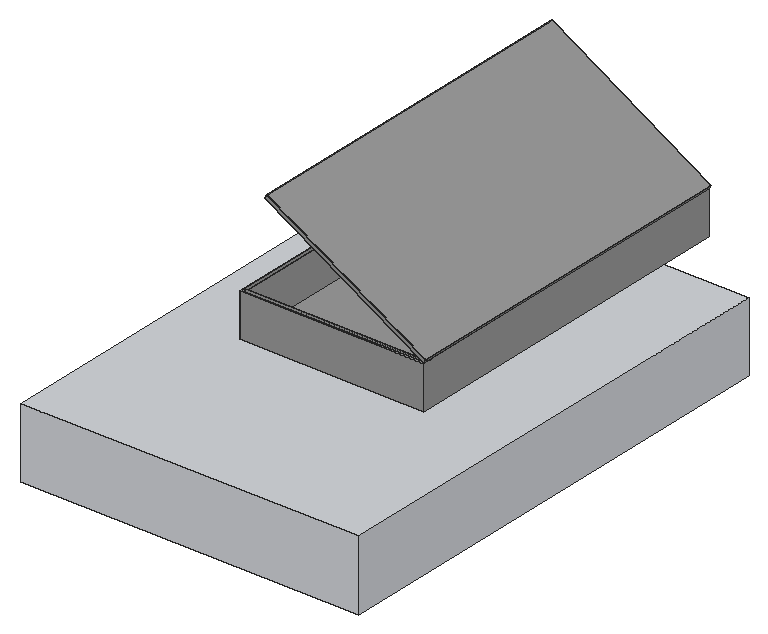
Revit family "Hager-Univers-IP44-D205-H1550-Cl.I-Encl-CH-en", category Equipement électrique, Revit 2020
Family settings
  Hôte = Face
  Configuration du panneau = Deux colonnes, circuits au sein
  Cote de connecteur circulaire = Utiliser le diamètre
  Type d'élément = Tableau de raccordement
  Couper avec des vides une fois chargée = Non
  Partagée = Non
  Point de calcul de pièce = Non
Parameters (values of type "Surface mounted (plaster) IP44 W800 H1550 D205  - FP03TN2")
  Width Control [instance] = if([EF000008 - Width] > Min Width, [EF000008 - Width], Min Width)  # 800 mm
  Commentaires du type = [HG000003 - Range]  # "Univers"
  Thickness Door [instance] = if([EF009171 - Material plate thickness door/cover] > 3 mm, 3 mm, [EF009171 - Material plate thickness door/cover])  # 1 mm
  Seal Frame Offset [instance] = 17 mm  # constant formula
  Plinth Visibility [instance] = [HG000027 - Plinth height] > 0 mm  # no
  Model = ""
  Min Width [instance] = 100 mm  # constant formula
  Min Height [instance] = 100 mm  # constant formula
  Min Depth [instance] = (2 * [EF009170 - Material plate thickness cabinet]) + 1 mm  # 3 mm
  Internal Frame Depth [instance] = (Door System Depth * 0.5)  # 9 mm
  Height Control [instance] = if([EF000040 - Height] > Min Height, [EF000040 - Height], Min Height)  # 1550 mm
  HG000027 - Plinth height = 0 mm
  HG000026 - Floor standing = no
  HG000024 - Bottom section height = 800 mm
  HG000023 - Double section enclosure = no
  HG000016 - Door 3d visibility [instance] = yes
  HG000015 - Clearance visibility [instance] = no
  HG000014 - Door on the right [instance] = yes
  HG000013 - Door on the left [instance] = not([HG000014 - Door on the right])  # no
  HG000012 - Door swing angle [instance] = 30.00°
  HG000010 - Asymmetric doors = no
  HG000009 - Double swing door = no
  HG000006 - Flush mounted = no
  HG000004 - Manufacturer reference = "FP03TN2"
  HG000003 - Range = "Univers"
  HG000002 - With door or cover = yes
  Frame Offset Bottom [instance] = 10 mm  # constant formula
  Frame Offset [instance] = 15 mm  # constant formula
  EF015940 - Cover with overpressure release = no
  EF011959 - Degree of protection (NEMA) = ""
  EF009554 - Number of openings for flange plates = 6
  EF009212 - Cover model = "EV000116 - Closed"
  EF009171 - Material plate thickness door/cover = 1 mm
  EF009170 - Material plate thickness cabinet = 1 mm
  Fabricant = "Hager"  # constant formula
  EF008873 - Nominal current (In) = 250 A
  EF007800 - Suitable for lightning protection = no
  EF006306 - With lock = no
  EF006244 - Transparent cover/door = no
  EF005474 - Degree of protection (IP) = "EV006418 - IP44"
  EF004464 - Type of door = "EV002646 - Single"
  EF004427 - Number of modules = 360
  EF004293 - Impact strength = "EV006815 - IK09"
  EF003532 - Suitable for outdoor use = no
  EF002950 - Width in number of modular spacings = 36
  EF001613 - Circuit integrity = "EV000494 - None"
  EF001596 - Material housing = "EV000179 - Steel"
  EF001131 - Internal depth = 205 mm
  EF001088 - Extension possible = yes
  EF000437 - Number of conduit inlets = 6
  EF000339 - Type of cover = "EV001012 - Cover"
  EF000266 - Number of rows = 10
  EF000218 - Built-in depth = 205 mm
  EF000118 - With mounting plate = no
  EF000116 - RAL-number = "9010"
  EF000049 - Depth = 205 mm
  EF000040 - Height = 1550 mm
  EF000008 - Width = 800 mm
  EF000007 - Colour = "EV000202 - White"
  EF000003 - Mounting method = "EV000384 - Surface mounted (plaster)"
  Door System Leaf Tolerance [instance] = 1.5 mm  # constant formula
  Door System Depth [instance] = 18 mm  # constant formula
  Door Height [instance] = Height Control - [HG000027 - Plinth height]  # 1550 mm
  Depth Control [instance] = if([EF000049 - Depth] > Min Depth, [EF000049 - Depth], Min Depth)  # 205 mm
  Default Elevation = 0 mm
  Connector Offset [instance] = Height Control / 2  # 775 mm
  Bottom Top Plate Trim [instance] = 1.5 mm  # constant formula
  Plinth height Ctrl [instance] = if([HG000027 - Plinth height] > 0 mm, [HG000027 - Plinth height], 12 mm)  # 12 mm
Types (5, lengths in mm): name | Width Control | HG000010 - Asymmetric doors | HG000009 - Double swing door | HG000004 - Manufacturer reference | EF009554 - Number of openings for flange plates | EF008873 - Nominal current (In) | EF004464 - Type of door | EF004427 - Number of modules | EF002950 - Width in number of modular spacings | EF000437 - Number of conduit inlets | EF000008 - Width
  Surface mounted (plaster) IP44 W1050 H1550 D205  - FP04TN2 | 1050 | no | yes | "FP04TN2" | 8 | 400 A | "EV003602 - Double" | 480 | 48 | 8 | 1050
  Surface mounted (plaster) IP44 W1300 H1550 D205  - FP05TN2 | 1300 | yes | yes | "FP05TN2" | 10 | 400 A | "EV003602 - Double" | 600 | 60 | 10 | 1300
  Surface mounted (plaster) IP44 W300 H1550 D205  - FP01TN2 | 300 | no | no | "FP01TN2" | 2 | 250 A | "EV002646 - Single" | 120 | 12 | 2 | 300
  Surface mounted (plaster) IP44 W550 H1550 D205  - FP02TN2 | 550 | no | no | "FP02TN2" | 4 | 250 A | "EV002646 - Single" | 240 | 24 | 4 | 550
  Surface mounted (plaster) IP44 W800 H1550 D205  - FP03TN2 | 800 | no | no | "FP03TN2" | 6 | 250 A | "EV002646 - Single" | 360 | 36 | 6 | 800
Reference planes
  plane 1 "Center (Front/Back)": y = 0
  plane 2: z = 0
  plane 3 "Center (Left/Right)": x = 0
  plane 4: z = 205
  plane 5: y = 1
  plane 6: y = 775
  plane 7: y = 0
  plane 8: y = 1550
  plane 9: z = 0
  plane 10: x = -385
  plane 11: x = 385
  plane 12: x = 384
  plane 13: x = -384
  plane 14: y = 1549
  plane 15: x = -383
  plane 16: x = -400
  plane 17: x = 383
  plane 18: x = 400
  plane 19: x = 399
  plane 20: x = -399
  plane 21: y = 11
  plane 22: y = 1550
  plane 23: y = 1534
  plane 24: z = 187
  plane 25: z = 1
  plane 26: z = 186
  plane 27: z = 204
Forms (mm)
  Extrusion 1, solid
    sketch origin (0, 0, 0) x (1, 0, 0) y (0, 1, 0)
      loop
        line (-702.964, 1305) -> (-702.964, -811.445) -> (766.763, -811.445) -> (766.763, 1305) -> (-702.964, 1305)
    from 0 to -304.8
  Extrusion 2, solid, material "Hager_Steel_RAL7035_Light_Grey", visible <- "Plinth Visibility", detail levels medium+fine
    sketch origin (0, 0, 0) x (1, 0, 0) y (0, 1, 0)
      loop
        line (-400, 0) -> (400, 0) -> (400, 12) -> (-400, 12) -> (-400, 0)
    from 0 to 187
  Extrusion 3, solid, material "Hager_Steel_RAL7035_Light_Grey", detail levels medium+fine
    sketch origin (0, 0, 0) x (1, 0, 0) y (0, 1, 0)
      loop
        line (-400, 0) -> (400, 0) -> (400, 1550) -> (-400, 1550) -> (-400, 0)
    from 0 to 187
  Extrusion 4, void
    sketch origin (0, 0, 0) x (1, 0, 0) y (0, 1, 0)
      loop
        line (-399, 1) -> (399, 1) -> (399, 1549) -> (-399, 1549) -> (-399, 1)
    from 1 to 186
  Extrusion 5, void
    sketch origin (-381.607, -4572, 187) x (0, -1, 0) y (-1, 0, 0)
      loop
        line (-4583, 2.393) -> (-6106, 2.393) -> (-6106, -765.607) -> (-4583, -765.607) -> (-4583, 2.393)
    from 0 to 1 <- "EF009170 - Material plate thickness cabinet"
  Extrusion 6, solid, material "Hager_Steel_RAL7035_Light_Grey", detail levels fine
    sketch origin (0, 0, 187) x (1, 0, 0) y (0, 1, 0)
      loop
        line (-384, 1534) -> (-384, 11) -> (384, 11) -> (384, 1534) -> (-384, 1534)
      loop
        line (-385, 10) -> (385, 10) -> (385, 1535) -> (-385, 1535) -> (-385, 10)
    from 0 to 9 <- "Internal Frame Depth"
  Extrusion 7, solid, material "Hager_Steel_RAL7035_Light_Grey", detail levels coarse
    sketch origin (0, 0, 0) x (1, 0, 0) y (0, 1, 0)
      loop
        line (-400, 0) -> (400, 0) -> (400, 1550) -> (-400, 1550) -> (-400, 0)
    from 0 to 205
  Sweep 8, void
    path in 3D
      loop
        line (-400, 12, 0) -> (400, 12, 0) -> (400, 12, 187) -> (-400, 12, 187) -> (-400, 12, 0)
    profile origin (-400, 12, 93.5) x (-1, 0, 0) y (0, -1, 0)
      loop
        line (0, 0) -> (0, 1.5) -> (-1.5, 1.5)
        arc (-1.5, 1.5) -> (-1.061, 0.439) -> (0, 0) r 1.5
Cuts and joins
  Extrusion 4, Extrusion 5 cuts Extrusion 3
  Sweep 8 cuts Extrusion 2
Lines and regions (mm)
  Masking region 1
    outline origin (0, 0, 0) x (1, 0, 0) y (0, 0, 1)
      loop
        line (-400, 205) -> (-400, 0) -> (400, 0) -> (400, 205) -> (-400, 205)
  Masking region 2, detail levels medium+fine
    outline origin (0, 140, 0) x (0, 1, 0) y (0, 0, 1)
      loop
        line (-140, 0) -> (1410, 0) -> (1410, 187) -> (-140, 187) -> (-140, 0)
  Masking region 3, not visible, detail levels medium+fine
    outline origin (0, 297.922, 0) x (0, 1, 0) y (0, 0, 1)
      loop
        line (488.578, 0) -> (528.578, 0) -> (528.578, 194)
        arc (528.578, 194) -> (525.649, 201.071) -> (518.578, 204) r 10
        line (518.578, 204) -> (488.578, 204) -> (488.578, 0)
  Masking region 4, detail levels coarse
    outline origin (0, 0, 180) x (0, 1, 0) y (0, 0, 1)
      loop
        line (0, -180) -> (1550, -180) -> (1550, 25) -> (0, 25) -> (0, -180)
  Masking region 5, visible <- "Plinth Visibility", detail levels medium+fine
    outline origin (0, 52.24, 12.345) x (0, 0, -1) y (0, 1, 0)
      loop
        line (10.845, -40.24) -> (-173.155, -40.24)
        arc (-173.155, -40.24) -> (-173.594, -41.301) -> (-174.655, -41.74) r 1.5
        line (-174.655, -41.74) -> (-174.655, -52.24) -> (12.345, -52.24) -> (12.345, -41.74)
        arc (12.345, -41.74) -> (11.285, -41.301) -> (10.845, -40.24) r 1.5
  Masking region 6, detail levels medium+fine
    outline origin (-381.607, -4572, 187) x (-1, 0, 0) y (0, -1, 0)
      loop
        line (18.393, -6122) -> (18.393, -4572) -> (-781.607, -4572) -> (-781.607, -6122) -> (18.393, -6122)
  Masking region 7, visible <- "Plinth Visibility", detail levels medium+fine
    outline origin (-381.607, -4727, 187) x (-1, 0, 0) y (0, -1, 0)
      loop
        arc (16.893, -4739) -> (17.332, -4737.939) -> (18.393, -4737.5) r 1.5
        line (18.393, -4737.5) -> (18.393, -4727) -> (-781.607, -4727) -> (-781.607, -4737.5)
        arc (-781.607, -4737.5) -> (-780.546, -4737.939) -> (-780.107, -4739) r 1.5
        line (-780.107, -4739) -> (16.893, -4739)
  Masking region 8, detail levels coarse
    outline origin (-442.548, -4669.526, 187) x (-1, 0, 0) y (0, -1, 0)
      loop
        line (-42.548, -6219.526) -> (-42.548, -4669.526) -> (-842.548, -4669.526) -> (-842.548, -6219.526) -> (-42.548, -6219.526)
  sketch lines
    curve 1: line (-400, 12, 187) -> (-400, 12, 0)
    curve 2: line (400, 12, 187) -> (-400, 12, 187)
    curve 3: line (400, 12, 187) -> (400, 12, 0)
    curve 4: line (-400, 12, 0) -> (400, 12, 0)
Dimensions and locks
  "Depth Control": plane 4 to Extrusion 1
  "HG000027 - Plinth height": plane 1 "Center (Front/Back)" to plane 7
  "EF009170 - Material plate thickness cabinet": plane 5 to plane 7
  locked: connector elem to plane 3 "Center (Left/Right)"
  equal spacing: plane 8, plane 6, plane 7
  locked: connector elem to plane 6
  "EF009170 - Material plate thickness cabinet": plane 8 to plane 14
  "EF009170 - Material plate thickness cabinet": plane 10 to plane 13
  "EF009170 - Material plate thickness cabinet": plane 12 to plane 11
  "Frame Offset": plane 20 to plane 13
  "Frame Offset": plane 12 to plane 19
  "EF009170 - Material plate thickness cabinet": plane 16 to plane 20
  "EF009170 - Material plate thickness cabinet": plane 19 to plane 18
  "Seal Frame Offset": plane 16 to plane 15
  "Seal Frame Offset": plane 17 to plane 18
  "Frame Offset Bottom": plane 21 to plane 5
  "Frame Offset": plane 14 to plane 23
  equal spacing: plane 16, plane 3 "Center (Left/Right)", plane 18
  "Width Control": plane 16 to plane 18
  "EF009170 - Material plate thickness cabinet": plane 4 to plane 27
  "EF009170 - Material plate thickness cabinet": plane 24 to plane 26
  "EF009170 - Material plate thickness cabinet": plane 25 to level
  "Door System Depth": plane 4 to plane 24
  "Height Control": plane 1 "Center (Front/Back)" to Extrusion 7 sketch curve
  "Height Control": Masking region 4 sketch curve to plane 1 "Center (Front/Back)"
  "Height Control": plane 1 "Center (Front/Back)" to plane 22
  "Bottom Top Plate Trim": profile plane to Sweep 8 sketch curve
  "Bottom Top Plate Trim": Sweep 8 sketch curve to profile plane
  "Plinth height Ctrl": plane 1 "Center (Front/Back)" to Extrusion 2 sketch curve
  "Plinth height Ctrl": Masking region 5 sketch curve to plane 1 "Center (Front/Back)"
  "Plinth height Ctrl": plane 1 "Center (Front/Back)" to Masking region 7 sketch curve
  "Thickness Door": Extrusion 6 sketch curve to Extrusion 6 sketch curve  (x3)
  "Thickness Door": cut or joined group of Extrusion 3, Extrusion 4, Extrusion 5 to Extrusion 6 sketch curve
  radius of Masking region 3 sketch curve = 10 mm
  "Bottom Top Plate Trim": radius of Masking region 5 sketch curve  (x2)
  "Bottom Top Plate Trim": radius of Sweep 8 sketch curve
  "Bottom Top Plate Trim": radius of Masking region 7 sketch curve  (x2)
  aligned and locked: plane 2 to Extrusion 1
  aligned and locked: level to Extrusion 1
  aligned and locked: level to Masking region 1 sketch curve
  aligned and locked: Masking region 1 sketch curve to plane 18
  aligned and locked: Masking region 1 sketch curve to plane 16
  aligned and locked: plane 7 to Masking region 2 sketch curve
  aligned and locked: level to Masking region 3 sketch curve
  aligned and locked: Masking region 3 sketch curve to plane 27
  aligned and locked: level to Masking region 2 sketch curve
  aligned and locked: plane 1 "Center (Front/Back)" to Extrusion 2 sketch curve
  aligned and locked: Extrusion 3 sketch curve to plane 7
  aligned and locked: plane 16 to Extrusion 3 sketch curve
  aligned and locked: plane 18 to Extrusion 3 sketch curve
  aligned and locked: plane 20 to Extrusion 4 sketch curve
  aligned and locked: plane 19 to Extrusion 4 sketch curve
  aligned and locked: Extrusion 4 sketch curve to plane 5
  aligned and locked: Extrusion 4 to plane 25
  aligned and locked: plane 26 to Extrusion 4
  aligned and locked: plane 24 to Extrusion 3
  aligned and locked: Extrusion 5 sketch curve to plane 21
  aligned and locked: Extrusion 5 sketch curve to plane 13
  aligned and locked: Extrusion 5 sketch curve to plane 12
  aligned and locked: plane 18 to Extrusion 7 sketch curve
  aligned and locked: plane 1 "Center (Front/Back)" to Extrusion 7 sketch curve
  aligned and locked: plane 16 to Extrusion 7 sketch curve
  aligned and locked: plane 4 to Extrusion 7
  aligned and locked: Extrusion 7 to level
  aligned and locked: level to Masking region 4 sketch curve
  aligned and locked: Masking region 4 sketch curve to plane 1 "Center (Front/Back)"
  aligned and locked: Masking region 4 sketch curve to plane 4
  aligned and locked: nested 1 to level
  aligned and locked: nested 1 to plane 16
  aligned and locked: plane 8 to Extrusion 3 sketch curve
  aligned and locked: plane 23 to Extrusion 5 sketch curve
  aligned and locked: plane 14 to Extrusion 4 sketch curve
  aligned and locked: Masking region 2 sketch curve to plane 8
  aligned and locked: level to Masking region 5 sketch curve
  aligned and locked: plane 16 to Extrusion 2 sketch curve
  aligned and locked: plane 18 to Extrusion 2 sketch curve
  aligned and locked: Masking region 5 sketch curve to plane 24
  aligned and locked: Masking region 2 sketch curve to plane 24
  aligned and locked: plane 24 to Extrusion 2
  aligned and locked: profile plane to Sweep 8 sketch curve  (x2)
  aligned and locked: Masking region 6 sketch curve to plane 18
  aligned and locked: Masking region 6 sketch curve to plane 22
  aligned and locked: Masking region 6 sketch curve to plane 16
  aligned and locked: plane 8 to plane 22
  aligned and locked: Masking region 6 sketch curve to plane 7
  aligned and locked: Masking region 7 sketch curve to plane 16
  aligned and locked: Masking region 7 sketch curve to plane 1 "Center (Front/Back)"
  aligned and locked: Masking region 7 sketch curve to plane 18
  aligned and locked: Masking region 8 sketch curve to plane 1 "Center (Front/Back)"
  aligned and locked: Masking region 8 sketch curve to plane 18
  aligned and locked: Masking region 8 sketch curve to plane 22
  aligned and locked: Masking region 8 sketch curve to plane 16
  aligned and locked: nested 2 to plane 7
  aligned and locked: plane 3 "Center (Left/Right)" to nested 2
  aligned and locked: nested 2 to plane 24
  aligned and locked: Extrusion 6 sketch curve to cut or joined group of Extrusion 3, Extrusion 4, Extrusion 5  (x4)
Automatic sketch dimensions
  Extrusion 1 sketch curve to Extrusion 1 sketch curve = 1469.727 mm
  Extrusion 1 sketch curve to Extrusion 1 sketch curve = 2116.445 mm
  Masking region 1 sketch curve to plane 4 = 0 mm
  plane 6 to Masking region 3 sketch curve = 11.5 mm
  Masking region 3 sketch curve to Masking region 3 sketch curve = 30 mm
  Masking region 5 sketch curve to plane 1 "Center (Front/Back)" = 0 mm
Nested families
  nested 1: "Hager_Enclosure_Symbol" at (-400, 0, 0) x (1, 0, 0) z (0, -1, 0), Height <- "Depth Control", Width <- "Width Control", type "Hager_Enclosure_Symbol"
    with Width_Ctrl 800 mm, Width 800 mm, Height_Ctrl 205 mm, Height 205 mm, A_Width_Int 13.453 mm, A_Width 161.438 mm, A_Height_Ctrl 179.375 mm, A_Height 179.375 mm
  nested 2: "EC000058_Univers_Door" at (0, 0, 187) x (1, 0, 0) z (0, 1, 0), Leaf_Tolerance <- "Door System Leaf Tolerance", Angle <- "HG000012 - Door swing angle", Door_Depth <- "Door System Depth", Door_Left <- "HG000013 - Door on the left", Transparent <- "EF006244 - Transparent cover/door", Assymetrical <- "HG000010 - Asymmetric doors", Width <- "Width Control", Clearance <- "HG000015 - Clearance visibility", Double <- "HG000009 - Double swing door", 3d_Door <- "HG000016 - Door 3d visibility", Lock_Visibility <- "EF006306 - With lock", Width_Ctrl <- "Width Control", Door_Right <- "HG000014 - Door on the right", Door <- "HG000002 - With door or cover", Height <- "Door Height", Thickness <- "Thickness Door", type "EC000058_Univers_Door", detail levels medium+fine
    with min_wh 3 mm, Width_Ctrl 800 mm, Width 800 mm, Transparent no, Thickness 1 mm, Seal_Material Hager_Rubber, Lock_Visibility no, Lock_Material Hager_Plastic_RAL9005_Jet_Black, Leaf_Width 800 mm, Leaf_Tolerance_External_Sides 0 mm, Leaf_Tolerance 1.5 mm, Leaf_Offset 0 mm, Leaf_Height 1547 mm, Leaf_2_Width 800 mm, Leaf_2_Offset 400 mm, Leaf_1_Width 800 mm, Leaf_1_Offset 400 mm, Height_Ctrl 1550 mm, Height 1550 mm, Glass_Material Hager_Glass, Double_Clearance_Ctrl no, Double no, Door_Right_Ctrl yes, Door_Right yes, Door_Material Hager_Steel_RAL7035_Light_Grey, Door_Left_Ctrl no, Door_Left no, Door_Depth 18 mm, Door yes, Clearance_Material Hager_Clearance, Clearance_Depth 800 mm, Clearance_Ctrl no, Clearance no, Assymetrical no, Angle 30.00°, 3d_Door yes
Connectors
  electrical at (0, 775, 0)
    settings: on plane 9, index 1, voltage 0 V, apparent load 0 VA, apparent load phase1 0 VA, apparent load phase2 0 VA, apparent load phase3 0 VA, power factor 1, load classification "Other", number of poles 1, system type 30, power factor state 1, is connector primary yes, connector utility no, sub classification motor no, connector description ""
Definition of nested family "EC000058_Univers_Door"
  Parameters (values of type "EC000058_Univers_Door")
    min_wh [instance] = (2 * Thickness) + 1 mm  # 11 mm
    Width_Ctrl [instance] = 400 mm
    Width [instance] = 500 mm
    Transparent [instance] = yes
    Thickness [instance] = 5 mm
    Seal_Material [instance] = none
    Lock_Visibility [instance] = yes
    Lock_Material [instance] = none
    Leaf_Width [instance] = if((Width_Ctrl - 2 * Leaf_Tolerance_External_Sides) > 0 mm, (Width_Ctrl - 2 * Leaf_Tolerance_External_Sides), min_wh)  # 400 mm
    Leaf_Tolerance_External_Sides [instance] = 0 mm  # constant formula
    Leaf_Tolerance [instance] = 1.5 mm
    Leaf_Offset [instance] = 0 mm  # constant formula
    Leaf_Height [instance] = if((Height_Ctrl - 2 * Leaf_Tolerance) > 0 mm, (Height_Ctrl - 2 * Leaf_Tolerance), min_wh)  # 497 mm
    Leaf_2_Width [instance] = if(and(and(Double, Assymetrical), Door_Left), (Leaf_Width / 3) - (Leaf_Tolerance / 2), if(and(and(Double, Assymetrical), Door_Right), (Leaf_Width / 3) * 2 - (Leaf_Tolerance / 2), if(and(Double, not(Assymetrical)), (Leaf_Width / 2) - Leaf_Tolerance, Leaf_Width)))  # 400 mm
    Leaf_2_Offset [instance] = if(and(Double, Assymetrical), Leaf_2_Width / 2, if(and(Double, not(Assymetrical)), Leaf_Width / 4, Leaf_Width / 2))  # 200 mm
    Leaf_1_Width [instance] = if(and(and(Double, Assymetrical), Door_Right), (Leaf_Width / 3) - (Leaf_Tolerance / 2), if(and(and(Double, Assymetrical), Door_Left), (Width / 3) * 2 - (Leaf_Tolerance / 2), if(and(Double, not(Assymetrical)), (Leaf_Width / 2) - Leaf_Tolerance, Leaf_Width)))  # 400 mm
    Leaf_1_Offset [instance] = if(and(Double, Assymetrical), Leaf_1_Width / 2, if(and(Double, not(Assymetrical)), Leaf_Width / 4, Leaf_Width / 2))  # 200 mm
    Height_Ctrl [instance] = if(Height > min_wh, Height, min_wh)  # 500 mm
    Height [instance] = 500 mm
    Glass_Material [instance] = none
    Double_Clearance_Ctrl [instance] = and(Double, Clearance)  # no
    Double [instance] = no
    Door_Right_Ctrl [instance] = and(or(Door_Right, Double), Door)  # yes
    Door_Right [instance] = yes
    Door_Material [instance] = none
    Door_Left_Ctrl [instance] = and(or(Door_Left, Double), Door)  # no
    Door_Left [instance] = no
    Door_Depth [instance] = 30 mm
    Door [instance] = yes
    Default Elevation = 1219.2 mm
    Clearance_Material [instance] = none
    Clearance_Depth [instance] = if(Leaf_1_Width > Leaf_2_Width, Leaf_1_Width, Leaf_2_Width)  # 400 mm
    Clearance_Ctrl [instance] = and(not(Double), Clearance)  # yes
    Clearance [instance] = yes
    Assymetrical [instance] = yes
    Angle [instance] = 30.00°
    3d_Door [instance] = yes
  Reference planes
    plane 1 "Center (Front/Back)": y = 0
    plane 2 "Bottom": z = 0
    plane 3 "Center (Left/Right)": x = 0
    plane 4: z = 500
    plane 5: x = -200
    plane 6: x = 200
    plane 7: z = 500
    plane 8: x = -200
    plane 9: z = 0
    plane 10: x = 200
    plane 11: y = 0
    plane 12: z = 1.5
    plane 13: x = -600
    plane 14: y = -400
    plane 15: x = 600
    plane 16: x = 0
    plane 17: x = 0
    plane 18: x = -200
    plane 19: x = 200
    plane 20: z = 498.5
  Forms (mm)
    Extrusion 1, solid, material <- "Clearance_Material", visible <- "Double_Clearance_Ctrl"
      sketch origin (1200, 0, 0) x (1, 0, 0) y (0, 0, -1)
        loop
          line (-1800, -498.5) -> (-600, -498.5) -> (-600, 0) -> (-1800, 0) -> (-1800, -498.5)
      from 0 to -400
  Dimensions and locks
    equal spacing: plane 5, plane 3 "Center (Left/Right)", plane 6
    "Width_Ctrl": plane 5 to plane 6
    "Leaf_Offset": plane 5 to plane 8
    "Leaf_Offset": plane 6 to plane 10
    "Leaf_Offset": plane 9 to level
    "Leaf_Offset": plane 4 to plane 7
    "Height_Ctrl": plane 4 to level
    "Leaf_Tolerance": plane 12 to plane 9
    locked: plane 11 to plane 1 "Center (Front/Back)"
    "Leaf_1_Offset": plane 18 to plane 16
    "Leaf_2_Offset": plane 17 to plane 19
    "Leaf_1_Width": plane 13 to plane 8
    "Leaf_2_Width": plane 10 to plane 15
    "Clearance_Depth": plane 14 to plane 1 "Center (Front/Back)"
    "Leaf_Tolerance_External_Sides": plane 8 to plane 18
    "Leaf_Tolerance_External_Sides": plane 19 to plane 10
    "Leaf_Tolerance": plane 7 to plane 20
    aligned and locked: level to plane 2 "Bottom"
    aligned and locked: nested 1 to plane 16
    aligned and locked: nested 2 to plane 17
    aligned and locked: Extrusion 1 to plane 13
    aligned and locked: plane 15 to Extrusion 1
    aligned and locked: Extrusion 1 to plane 14
    aligned and locked: plane 12 to nested 1
    aligned and locked: nested 2 to plane 12
    aligned and locked: Extrusion 1 to plane 11
    aligned and locked: plane 20 to Extrusion 1
    aligned and locked: nested 2 to plane 11
    aligned and locked: nested 1 to plane 11
  Automatic sketch dimensions
    Extrusion 1 sketch curve to level = 0 mm
    plane 5 to Extrusion 1 sketch curve = 400 mm
    plane 6 to Extrusion 1 sketch curve = 400 mm
    Extrusion 1 sketch curve to plane 4 = 1.5 mm
  Nested families
    nested 1: "EC000058_Univers_Door_Leaf" at (0, 0, 1.5), Width <- "Leaf_1_Width", visible <- "Door_Left_Ctrl", Leaf_Height <- "Leaf_Height", Angle <- "Angle", 3d_Door <- "3d_Door", Transparent <- "Transparent", Clearance Material <- "Clearance_Material", Clearance <- "Clearance_Ctrl", Door_Material <- "Door_Material", Glass_Material <- "Glass_Material", Door_Depth <- "Door_Depth", Lock_Material <- "Lock_Material", Seal_Material <- "Seal_Material", Lock_Visibility <- "Lock_Visibility", Thickness <- "Thickness", type "EC000058_Univers_Door_Leaf"
      with Width 400 mm, Transparent_Glass_Offset 30 mm, Transparent_Ctrl yes, Transparent yes, Thickness 5 mm, Standard no, Seal_Material none, Seal_D2 8 mm, Seal_D1 1 mm, Offset_Internal_Frame 10 mm, Lock_Width 20 mm, Lock_Visibility_3d yes, Lock_Visibility yes, Lock_Thickness_3 3 mm, Lock_Thickness_2 1 mm, Lock_Thickness_1 3 mm, Lock_Radius_Offset_2 16 mm, Lock_Radius_Offset_1 15 mm, Lock_Radius_2 5 mm, Lock_Radius 6 mm, Lock_Offset 5 mm, Lock_Material none, Lock_Height 80 mm, Lock_Cover_Top_Offset_2d 17 mm, Lock_Cover_Height -65 mm, Leaf_Height 497 mm, Internal_Seal_Thickness 8 mm, Internal_Seal_Depth_2 4.5 mm, Internal_Frame_Depth 25 mm, Glass_Thickness -1 mm, Glass_Offset -2 mm, Glass_Material none, Door_Material none, Door_Depth 30 mm, Clearance Material none, Clearance yes, Angle_Ctrl 30.00°, Angle 30.00°, 3d_Door yes
    nested 2: "EC000058_Univers_Door_Leaf" at (0, 0, 1.5) x (-1, 0, 0) z (0, 0, 1), Width <- "Leaf_2_Width", visible <- "Door_Right_Ctrl", Leaf_Height <- "Leaf_Height", Angle <- "Angle", 3d_Door <- "3d_Door", Transparent <- "Transparent", Clearance Material <- "Clearance_Material", Clearance <- "Clearance_Ctrl", Door_Material <- "Door_Material", Glass_Material <- "Glass_Material", Door_Depth <- "Door_Depth", Lock_Material <- "Lock_Material", Seal_Material <- "Seal_Material", Lock_Visibility <- "Lock_Visibility", Thickness <- "Thickness", type "EC000058_Univers_Door_Leaf"
      with Width 400 mm, Transparent_Glass_Offset 30 mm, Transparent_Ctrl yes, Transparent yes, Thickness 5 mm, Standard no, Seal_Material none, Seal_D2 8 mm, Seal_D1 1 mm, Offset_Internal_Frame 10 mm, Lock_Width 20 mm, Lock_Visibility_3d yes, Lock_Visibility yes, Lock_Thickness_3 3 mm, Lock_Thickness_2 1 mm, Lock_Thickness_1 3 mm, Lock_Radius_Offset_2 16 mm, Lock_Radius_Offset_1 15 mm, Lock_Radius_2 5 mm, Lock_Radius 6 mm, Lock_Offset 5 mm, Lock_Material none, Lock_Height 80 mm, Lock_Cover_Top_Offset_2d 17 mm, Lock_Cover_Height -65 mm, Leaf_Height 497 mm, Internal_Seal_Thickness 8 mm, Internal_Seal_Depth_2 4.5 mm, Internal_Frame_Depth 25 mm, Glass_Thickness -1 mm, Glass_Offset -2 mm, Glass_Material none, Door_Material none, Door_Depth 30 mm, Clearance Material none, Clearance yes, Angle_Ctrl 30.00°, Angle 30.00°, 3d_Door yes
  Definition of nested family "EC000058_Univers_Door_Leaf"
    Parameters (values of type "EC000058_Univers_Door_Leaf")
      Width [instance] = 2000 mm
      Transparent_Glass_Offset [instance] = 30 mm
      Transparent_Ctrl [instance] = and(Transparent, [3d_Door])  # yes
      Transparent [instance] = yes
      Thickness [instance] = 5 mm
      Standard [instance] = and(not(Transparent), [3d_Door])  # no
      Seal_Material [instance] = none
      Seal_D2 [instance] = 8 mm  # constant formula
      Seal_D1 [instance] = 1 mm  # constant formula
      Offset_Internal_Frame [instance] = 10 mm  # constant formula
      Lock_Width [instance] = 20 mm  # constant formula
      Lock_Visibility_3d [instance] = and(Lock_Visibility, [3d_Door])  # yes
      Lock_Visibility [instance] = yes
      Lock_Thickness_3 [instance] = 3 mm  # constant formula
      Lock_Thickness_2 [instance] = 1 mm  # constant formula
      Lock_Thickness_1 [instance] = 3 mm  # constant formula
      Lock_Radius_Offset_2 [instance] = Lock_Radius_Offset_1 + 1 mm  # 16 mm
      Lock_Radius_Offset_1 [instance] = 15 mm  # constant formula
      Lock_Radius_2 [instance] = Lock_Radius - 1 mm  # 5 mm
      Lock_Radius [instance] = 6 mm  # constant formula
      Lock_Offset [instance] = 5 mm  # constant formula
      Lock_Material [instance] = none
      Lock_Height [instance] = 80 mm  # constant formula
      Lock_Cover_Top_Offset_2d [instance] = Lock_Radius_Offset_2 + 1 mm  # 17 mm
      Lock_Cover_Height [instance] = -(Lock_Height - Lock_Radius_Offset_1)  # -65 mm
      Leaf_Height [instance] = 2720.336 mm
      Internal_Seal_Thickness [instance] = 8 mm  # constant formula
      Internal_Seal_Depth_2 [instance] = 4.5 mm  # constant formula
      Internal_Frame_Depth [instance] = if(Door_Depth - Thickness > 5 mm, Door_Depth - Thickness, 5 mm)  # 25 mm
      Glass_Thickness [instance] = if(Thickness > 15 mm, Glass_Offset + 10 mm, -1 mm)  # -1 mm
      Glass_Offset [instance] = if(Thickness > 15 mm, -(Thickness + 10 mm) / 2, -2 mm)  # -2 mm
      Glass_Material [instance] = none
      Door_Material [instance] = none
      Door_Depth [instance] = 30 mm
      Default Elevation = 0 mm
      Clearance Material [instance] = none
      Clearance [instance] = yes
      Angle_Ctrl [instance] = if(Angle > 180.00°, 180.00°, Angle)  # 90.00°
      Angle [instance] = 90.00°
      3d_Door [instance] = yes
    Reference planes
      plane 1 "Center (Front/Back)": y = 0
      plane 2: z = 0
      plane 3 "Center (Left/Right)": x = 0
      plane 4: y = 2000
      plane 5: x = -1000
      plane 6: x = 1000
      plane 7: x = -3000
      plane 8: z = 2720.336
      plane 9: z = 30
      plane 10: z = 2690.336
      plane 11: x = 970
      plane 12: x = -970
      plane 13: y = -3
      plane 14: z = 107.833
      plane 15: y = -5
      plane 16: y = -223.314
      plane 17: x = -1000
      plane 18: z = 1360.168
      plane 19: y = 30
    Forms (mm)
      Extrusion 1, solid, material <- "Clearance Material", visible <- "Clearance"
        sketch origin (0, 0, 0) x (1, 0, 0) y (0, 0, 1)
          loop
            line (-3000, 2720.336) -> (-3000, 0) -> (1000, 0) -> (1000, 2720.336) -> (-3000, 2720.336)
        from 0 to -2000
      Extrusion 2, solid, material <- "Door_Material", visible <- "Standard", detail levels medium+fine
        sketch origin (-1000, 0, 0) x (0, 1, 0) y (-1, 0, 0)
          loop
            line (0, 30) -> (0, 25) -> (2000, 25) -> (2000, 30) -> (0, 30)
        from 0 to 2720.336 <- "Leaf_Height"
      Extrusion 3, solid, material <- "Door_Material", visible <- "Transparent_Ctrl", detail levels medium+fine
        sketch origin (-1000, 0, 0) x (0, 1, 0) y (-1, 0, 0)
          loop
            line (0, 25) -> (2000, 25) -> (2000, 30) -> (0, 30) -> (0, 25)
        from 0 to 2720.336 <- "Leaf_Height"
      Extrusion 4, void
        sketch origin (-1025, 2000, 0) x (0, 1, 0) y (0, 0, -1)
          loop
            line (-30, -2690.336) -> (-30, -30) -> (-1970, -30) -> (-1970, -2690.336) -> (-30, -2690.336)
        from 0 to 5 <- "Thickness"
      Sweep 5, solid, material <- "Seal_Material", visible <- "Transparent_Ctrl", detail levels fine
        path in 3D
          loop
            line (-1025, 30, 30) -> (-1025, 30, 2690.336) -> (-1025, 1970, 2690.336) -> (-1025, 1970, 30) -> (-1025, 30, 30)
        profile origin (-1025, 1000, 30) x (1, 0, 0) y (0, 0, 1)
          loop
            line (0, 0) -> (0, -8) -> (1, -8) -> (1, 0) -> (0, 0)
      Extrusion 6, solid, material <- "Glass_Material", visible <- "Transparent_Ctrl", detail levels medium+fine
        sketch origin (-1030, 0, 0) x (0, 1, 0) y (0, 0, -1)
          loop
            line (1970, -2690.336) -> (1970, -30) -> (30, -30) -> (30, -2690.336) -> (1970, -2690.336)
        from -2 <- "Glass_Offset" to -1 <- "Glass_Thickness"
      Extrusion 7, solid, material <- "Door_Material", visible <- "3d_Door", detail levels medium+fine
        sketch origin (-1025, 2000, 0) x (0, -1, 0) y (0, 0, -1)
          loop
            line (0, -2720.336) -> (2000, -2720.336) -> (2000, 0) -> (0, 0) -> (0, -2720.336)
          loop
            line (1995, -5) -> (5, -5) -> (5, -2715.336) -> (1995, -2715.336) -> (1995, -5)
        from 0 to 25 <- "Internal_Frame_Depth"
      Sweep 8, solid, material <- "Seal_Material", visible <- "Transparent_Ctrl", detail levels fine
        path in 3D
          loop
            line (-1025, 0, 0) -> (-1025, 2000, 0) -> (-1025, 2000, 2720.336) -> (-1025, 0, 2720.336) -> (-1025, 0, 0)
        profile origin (-1025, 0, 1360.168) x (1, 0, 0) y (0, 1, 0)
          loop
            line (0, 10) -> (2.975, 10)
            arc (2.975, 10) -> (4.053, 10.447) -> (4.5, 11.525) r 1.525
            line (4.5, 11.525) -> (4.5, 16.527)
            arc (4.5, 16.527) -> (4.069, 17.569) -> (3.027, 18) r 1.473
            line (3.027, 18) -> (0, 18) -> (0, 10)
      Extrusion 9, solid, material <- "Lock_Material", visible <- "Lock_Visibility_3d", detail levels fine
        sketch origin (-1030, 0, 0) x (0, 1, 0) y (0, 0, -1)
          loop
            arc (1993.5, -1400.168) -> (1994.561, -1399.729) -> (1995, -1398.668) r 1.5
            line (1995, -1398.668) -> (1995, -1320.168) -> (1975, -1320.168) -> (1975, -1398.668)
            arc (1975, -1398.668) -> (1975.439, -1399.729) -> (1976.5, -1400.168) r 1.5
            line (1976.5, -1400.168) -> (1993.5, -1400.168)
        from 3 <- "Lock_Thickness_1" to 0
      Blend 10, solid, material <- "Lock_Material", visible <- "Lock_Visibility_3d", detail levels fine
        base sketch origin (-1033, 0, 0) x (0, 1, 0) y (0, 0, -1)
          loop
            line (1975, -1320.168) -> (1975, -1398.668)
            arc (1975, -1398.668) -> (1975.439, -1399.729) -> (1976.5, -1400.168) r 1.5
            line (1976.5, -1400.168) -> (1993.5, -1400.168)
            arc (1993.5, -1400.168) -> (1994.561, -1399.729) -> (1995, -1398.668) r 1.5
            line (1995, -1398.668) -> (1995, -1320.168) -> (1975, -1320.168)
        top sketch origin (-1033, 0, 0) x (0, 1, 0) y (0, 0, -1)
          loop
            line (1976, -1320.168) -> (1976, -1398.668)
            arc (1976, -1398.668) -> (1976.146, -1399.022) -> (1976.5, -1399.168) r 0.5
            line (1976.5, -1399.168) -> (1993.5, -1399.168)
            arc (1993.5, -1399.168) -> (1993.854, -1399.022) -> (1994, -1398.668) r 0.5
            line (1994, -1398.668) -> (1994, -1320.168) -> (1976, -1320.168)
        from 0 to 1 <- "Lock_Thickness_2"
      Blend 11, solid, material <- "Lock_Material", visible <- "Lock_Visibility_3d", detail levels fine
        base sketch origin (-1034, 0, 0) x (0, 1, 0) y (0, 0, -1)
          loop
            line (1978, -1320.168) -> (1978, -1384.168)
            arc (1978, -1384.168) -> (1985, -1391.168) -> (1992, -1384.168) r 7
            line (1992, -1384.168) -> (1992, -1320.168) -> (1978, -1320.168)
        top sketch origin (-1034, 0, 0) x (0, 1, 0) y (0, 0, -1)
          loop
            line (1991, -1320.168) -> (1979, -1320.168) -> (1979, -1383.168)
            arc (1979, -1383.168) -> (1985, -1389.168) -> (1991, -1383.168) r 6
            line (1991, -1383.168) -> (1991, -1320.168)
        from 0 to 3 <- "Lock_Thickness_3"
      Extrusion 12, solid, material <- "Lock_Material", visible <- "Lock_Visibility_3d", detail levels fine
        sketch origin (-1030, 1975, 1320.168) x (1, 0, 0) y (0, -1, 0)
          loop
            line (-7, -19) -> (-7, -1) -> (0, -1) -> (0, 0) -> (-8, 0) -> (-8, -20) -> (0, -20) -> (0, -19) -> (-7, -19)
        from 0 to -65 <- "Lock_Cover_Height"
      Extrusion 13, void
        sketch origin (-1038, 1995, 1320.168) x (-1, 0, 0) y (0, 0, -1)
          loop
            line (-5, -65) -> (0, -65) -> (-5, -60) -> (-5, -65)
        from 0 to 20 <- "Lock_Width"
      Extrusion 14, void
        sketch origin (-1038, 1975, 1320.168) x (0, -1, 0) y (0, 0, -1)
          loop
            circle (-10, -15.995) r 6
          loop
            circle (-10, -15.995) r 5
        from 0 to 2
      Extrusion 15, solid, material <- "Lock_Material", visible <- "Lock_Visibility_3d", detail levels medium
        sketch origin (-1030, 0, 0) x (0, 1, 0) y (0, 0, -1)
          loop
            arc (1993.5, -1400.168) -> (1994.561, -1399.729) -> (1995, -1398.668) r 1.5
            line (1995, -1398.668) -> (1995, -1320.168) -> (1975, -1320.168) -> (1975, -1398.668)
            arc (1975, -1398.668) -> (1975.439, -1399.729) -> (1976.5, -1400.168) r 1.5
            line (1976.5, -1400.168) -> (1993.5, -1400.168)
        from 8 to 0
    Cuts and joins
      Extrusion 4 cuts Extrusion 3
      Extrusion 13, Extrusion 14 cuts Extrusion 9
      Extrusion 14 cuts Blend 11
      Extrusion 13, Extrusion 14 cuts Extrusion 12
      joined: Extrusion 9, Blend 10, Blend 11, Extrusion 12
      Extrusion 14 cuts Extrusion 15
    Lines and regions (mm)
      Masking region 1, visible <- "Lock_Visibility", detail levels fine
        outline origin (0, 0, 0) x (0, 1, 0) y (0, 0, 1)
          loop
            line (30, 1320.168) -> (33, 1320.168) -> (33, 1400.168) -> (30, 1400.168) -> (30, 1320.168)
      Masking region 2, visible <- "Lock_Visibility", detail levels fine
        outline origin (0, 3.143, 0) x (0, 1, 0) y (0, 0, 1)
          loop
            line (29.857, 1354.168) -> (30.857, 1354.168) -> (30.857, 1366.168) -> (29.857, 1366.168) -> (29.857, 1354.168)
      Masking region 3, detail levels medium+fine
        outline origin (0, 0, 0) x (0, 1, 0) y (0, 0, 1)
          loop
            line (0, 0) -> (30, 0) -> (30, 2720.336) -> (0, 2720.336) -> (0, 0)
      Masking region 4, detail levels medium+fine
        outline origin (0, 0, 0) x (1, 0, 0) y (0, 0, 1)
          loop
            line (-1000, 2720.336) -> (-1000, 0) -> (1000, 0) -> (1000, 2720.336) -> (-1000, 2720.336)
      Masking region 5, visible <- "Lock_Visibility", detail levels fine
        outline origin (-47.116, 0, 0) x (1, 0, 0) y (0, 0, 1)
          loop
            arc (1024.616, 1399.168) -> (1023.556, 1398.729) -> (1023.116, 1397.668) r 1.5
            line (1023.116, 1397.668) -> (1023.116, 1320.168) -> (1041.116, 1320.168) -> (1041.116, 1397.668)
            arc (1041.116, 1397.668) -> (1040.677, 1398.729) -> (1039.616, 1399.168) r 1.5
            line (1039.616, 1399.168) -> (1024.616, 1399.168)
      Masking region 6, visible <- "Lock_Visibility", detail levels medium+fine
        outline origin (-25, 0, 0) x (1, 0, 0) y (0, 0, 1)
          loop
            arc (1001.5, 1400.168) -> (1000.439, 1399.729) -> (1000, 1398.668) r 1.5
            line (1000, 1398.668) -> (1000, 1320.168) -> (1020, 1320.168) -> (1020, 1398.668)
            arc (1020, 1398.668) -> (1019.561, 1399.729) -> (1018.5, 1400.168) r 1.5
            line (1018.5, 1400.168) -> (1001.5, 1400.168)
      Masking region 7, visible <- "Lock_Visibility", detail levels fine
        outline origin (-73.735, 0, 0) x (1, 0, 0) y (0, 0, 1)
          loop
            line (1051.735, 1382.168) -> (1065.735, 1382.168) -> (1065.735, 1384.168)
            arc (1065.735, 1384.168) -> (1058.735, 1391.168) -> (1051.735, 1384.168) r 7
            line (1051.735, 1384.168) -> (1051.735, 1382.168)
      Masking region 8, visible <- "Lock_Visibility", detail levels fine
        outline origin (-73.735, 0, 0) x (1, 0, 0) y (0, 0, 1)
          loop
            line (1052.735, 1382.168) -> (1064.735, 1382.168) -> (1064.735, 1383.168)
            arc (1064.735, 1383.168) -> (1058.735, 1389.168) -> (1052.735, 1383.168) r 6
            line (1052.735, 1383.168) -> (1052.735, 1382.168)
      Masking region 9, visible <- "Lock_Visibility", detail levels fine
        outline origin (-25, 0, 0) x (1, 0, 0) y (0, 0, 1)
          loop
            line (1020, 1320.168) -> (1020, 1382.168) -> (1000, 1382.168) -> (1000, 1320.168) -> (1020, 1320.168)
      Masking region 10, detail levels medium+fine
        outline origin (0, 0, 0) x (1, 0, 0) y (0, 0, 1)
          loop
            circle (985, 1335.144) r 6
      Masking region 11, detail levels fine
        outline origin (0, 0, 0) x (1, 0, 0) y (0, 0, 1)
          loop
            circle (985, 1335.144) r 5
      Masking region 12, visible <- "Lock_Visibility", detail levels fine
        outline origin (0, 12.767, 0) x (0, 1, 0) y (0, 0, 1)
          loop
            line (20.233, 1320.168) -> (21.233, 1320.168) -> (21.233, 1399.168) -> (20.233, 1400.168) -> (20.233, 1320.168)
      Masking region 13, visible <- "Lock_Visibility", detail levels fine
        outline origin (0, 13.767, -10) x (0, 1, 0) y (0, 0, 1)
          loop
            line (20.233, 1330.168) -> (23.233, 1330.168) -> (23.233, 1399.168) -> (20.233, 1402.168) -> (20.233, 1330.168)
      Masking region 14, visible <- "Lock_Visibility", detail levels fine
        outline origin (0, 12.767, -10) x (0, 1, 0) y (0, 0, 1)
          loop
            line (20.233, 1330.168) -> (25.233, 1330.168) -> (25.233, 1399.305) -> (20.233, 1394.305) -> (20.233, 1330.168)
      Masking region 15, visible <- "Lock_Visibility", detail levels medium
        outline origin (0, 0, 0) x (0, 1, 0) y (0, 0, 1)
          loop
            line (30, 1320.168) -> (38, 1320.168) -> (38, 1400.168) -> (30, 1400.168) -> (30, 1320.168)
      Masking region 16, visible <- "Lock_Visibility", detail levels fine
        outline origin (-1000, 0, 0) x (0, 1, 0) y (-1, 0, 0)
          loop
            line (1975, 30) -> (1995, 30) -> (1995, 38) -> (1975, 38) -> (1975, 30)
          loop
            line (1979, 37) -> (1976, 37) -> (1976, 34) -> (1978, 34) -> (1979, 37)
          loop
            line (1994, 37) -> (1991, 37) -> (1992, 34) -> (1994, 34) -> (1994, 37)
      Masking region 17, visible <- "Lock_Visibility", detail levels medium
        outline origin (-1000, 0, 0) x (0, 1, 0) y (-1, 0, 0)
          loop
            line (1975, 30) -> (1995, 30) -> (1995, 38) -> (1975, 38) -> (1975, 30)
      symbolic lines
        curve 1: line (1000, 0, 0) -> (-3000, 0, 0)
        curve 2: arc (1000, 0, 0) -> (-1000, 2000, 0) -> (-3000, 0, 0) r 2000
        curve 4: line (-1030, 0, 0) -> (-1030, 2000, 0)
      reference lines
        curve 3: line (-1000, 0, 0) -> (-1000, 2000, 0)
      symbolic lines, detail levels medium+fine
        curve 5: line (-1030, 2000, 0) -> (-1025, 2000, 0)
        curve 7: line (-1025, 0, 0) -> (-1030, 0, 0)
        curve 8: line (-1025, 0, 0) -> (-1000, 0, 0)
        curve 9: line (-1000, 0, 0) -> (-1000, 2000, 0)
        curve 10: line (-1000, 2000, 0) -> (-1025, 2000, 0)
      symbolic lines, detail levels fine
        curve 6: line (-1025, 2000, 0) -> (-1025, 0, 0)
      sketch lines
        curve 11: line (-1025, 0, 2720.336) -> (-1025, 0, 0)
        curve 12: line (-1025, 2000, 0) -> (-1025, 0, 0)
        curve 13: line (-1025, 2000, 2720.336) -> (-1025, 2000, 0)
        curve 14: line (-1025, 0, 2720.336) -> (-1025, 2000, 2720.336)
        curve 15: line (-1025, 1970, 30) -> (-1025, 30, 30)
        curve 16: line (-1025, 30, 30) -> (-1025, 30, 2690.336)
        curve 17: line (-1025, 1970, 2690.336) -> (-1025, 1970, 30)
        curve 18: line (-1025, 30, 2690.336) -> (-1025, 1970, 2690.336)
      symbolic lines, visible <- "Transparent", detail levels medium+fine
        curve 19: line (-970, 0, 2690.336) -> (970, 0, 2690.336)
        curve 20: line (-970, 0, 30) -> (-970, 0, 2690.336)
        curve 21: line (970, 0, 30) -> (-970, 0, 30)
        curve 22: line (970, 0, 2690.336) -> (970, 0, 30)
    Dimensions and locks
      "Width": plane 1 "Center (Front/Back)" to plane 4
      equal spacing: plane 5, plane 3 "Center (Left/Right)", plane 6
      "Width": plane 5 to plane 6
      "Width": plane 7 to plane 5
      "Leaf_Height": plane 8 to level
      "Width": curve 5 to curve 3
      "Width": curve 3 to curve 3
      plane 8 to plane 10 = 30 mm
      plane 9 to level = 30 mm
      plane 12 to plane 5 = 30 mm
      plane 6 to plane 11 = 30 mm
      Extrusion 1 to Extrusion 4 sketch curve = 30 mm
      "Transparent_Glass_Offset": curve 3 to Extrusion 4 sketch curve
      "Transparent_Glass_Offset": Extrusion 4 sketch curve to cut or joined group of Extrusion 3, Extrusion 4  (x2)
      cut or joined group of Extrusion 3, Extrusion 4 to Extrusion 6 sketch curve = 30 mm
      "Transparent_Glass_Offset": cut or joined group of Extrusion 3, Extrusion 4 to Extrusion 4 sketch curve
      "Thickness": curve 6 to curve 4
      "Thickness": Extrusion 7 sketch curve to Extrusion 7 sketch curve  (x4)
      "Door_Depth": curve 4 to curve 3
      "Offset_Internal_Frame": profile plane to Sweep 8 sketch curve
      "Internal_Seal_Thickness": Sweep 8 sketch curve to Sweep 8 sketch curve
      "Internal_Seal_Depth_2": profile plane to Sweep 8 sketch curve
      "Seal_D1": profile plane to Sweep 5 sketch curve
      "Seal_D2": profile plane to Sweep 5 sketch curve
      "Thickness": Extrusion 2 sketch curve to Extrusion 2 sketch curve
      equal spacing: Extrusion 9 sketch curve, plane 18, Extrusion 9 sketch curve  (x2)
      equal spacing: Masking region 1 sketch curve, plane 18, Masking region 1 sketch curve
      "Lock_Height": Masking region 1 sketch curve to Masking region 1 sketch curve
      "Lock_Radius": Masking region 2 sketch curve to plane 18 to Masking region 2 sketch curve
      Masking region 2 sketch curve to Masking region 1 = 1 mm
      "Door_Depth": plane 19 to plane 1 "Center (Front/Back)"
      "Lock_Thickness_1": Masking region 1 sketch curve to plane 19
      "Lock_Width": Extrusion 9 sketch curve to Extrusion 9 sketch curve
      "Lock_Height": Extrusion 9 sketch curve to Extrusion 9 sketch curve
      "Lock_Offset": cut or joined group of Extrusion 3, Extrusion 4 to Extrusion 9 sketch curve
      equal spacing: plane 8, plane 18, level
      "Lock_Radius_Offset_1": Blend 11 sketch curve to Blend 10
      locked: Blend 10 to Blend 11 sketch curve at 2  (x2)
      locked: var sketch to Blend 11 sketch curve at 1  (x2)
      "Lock_Radius_Offset_2": Blend 11 sketch curve to Blend 10
      locked: Extrusion 12 sketch curve to Extrusion 12 sketch curve at 1  (x3)
      Masking region 6 sketch curve to Masking region 6 sketch curve = 80 mm
      "Lock_Height": Masking region 6 sketch curve to Masking region 6 sketch curve
      "Lock_Width": Masking region 6 sketch curve to Masking region 6 sketch curve
      locked: Masking region 6 to Masking region 5 sketch curve at 1  (x3)
      locked: Masking region 5 to Masking region 7 sketch curve at 2  (x2)
      "Lock_Radius_Offset_1": Masking region 5 to Masking region 7 sketch curve
      "Lock_Radius_Offset_2": Masking region 5 to Masking region 8 sketch curve
      locked: Masking region 7 to Masking region 8 sketch curve at 1  (x2)
      "Lock_Cover_Top_Offset_2d": Masking region 5 to Masking region 9 sketch curve
      equal spacing: Masking region 9, Masking region 10 sketch curve, Masking region 9
      equal spacing: Masking region 9, Masking region 11 sketch curve, Masking region 9
      Extrusion 15 sketch curve to Extrusion 15 sketch curve = 80 mm
      "Lock_Width": Extrusion 15 sketch curve to Extrusion 15 sketch curve
      "Lock_Height": Extrusion 15 sketch curve to Extrusion 15 sketch curve
      equal spacing: Extrusion 15 sketch curve, plane 18, Extrusion 15 sketch curve
      "Lock_Thickness_3": Masking region 13 sketch curve to Masking region 13 sketch curve
      "Lock_Height": Masking region 12 sketch curve to Masking region 12 sketch curve
      locked: Masking region 13 sketch curve to Masking region 1 at 8
      locked: Masking region 14 sketch curve to Masking region 13 at 1
      locked: Masking region 14 sketch curve to Masking region 1 at 10.863
      "Lock_Height": Masking region 15 sketch curve to Masking region 15 sketch curve
      "Lock_Offset": Extrusion 15 sketch curve to cut or joined group of Extrusion 3, Extrusion 4
      "Lock_Offset": plane 6 to Masking region 6 sketch curve
      radius of Sweep 8 sketch curve = 1.525 mm
      radius of Sweep 8 sketch curve = 1.473 mm
      radius of Extrusion 9 sketch curve = 1.5 mm  (x2)
      "Lock_Radius": radius of Extrusion 14 sketch curve
      "Lock_Radius_2": radius of Extrusion 14 sketch curve
      "Lock_Radius": radius of Masking region 10 sketch curve
      "Lock_Radius_2": radius of Masking region 11 sketch curve
      radius of Extrusion 15 sketch curve = 1.5 mm  (x2)
      "Angle_Ctrl": angle plane 1 "Center (Front/Back)" to curve 3
      locked: Masking region 12 sketch curve to Masking region 12 sketch curve (angle 45.00°)
      locked: Masking region 13 sketch curve to Masking region 13 sketch curve (angle 45.00°)
      locked: Masking region 14 sketch curve to Masking region 14 sketch curve (angle 45.00°)
      aligned and locked: level to plane 2
      aligned and locked: Extrusion 1 to curve 1
      aligned and locked: plane 6 to Extrusion 1
      aligned and locked: Extrusion 1 to plane 1 "Center (Front/Back)"
      aligned and locked: plane 4 to Extrusion 1
      aligned and locked: plane 8 to Extrusion 1
      aligned and locked: curve 7 to Extrusion 2 sketch curve
      aligned and locked: curve 5 to Extrusion 2 sketch curve
      aligned and locked: curve 7 to Extrusion 3 sketch curve
      aligned and locked: Extrusion 3 sketch curve to curve 4
      aligned and locked: Extrusion 3 sketch curve to curve 6
      aligned and locked: Extrusion 3 sketch curve to curve 5
      aligned and locked: curve 9 to curve 3
      aligned and locked: Extrusion 7 sketch curve to cut or joined group of Extrusion 3, Extrusion 4  (x4)
      aligned and locked: plane 17 to curve 3
      aligned and locked: plane 1 "Center (Front/Back)" to curve 3
      aligned and locked: plane 17 to plane 5
      aligned and locked: Sweep 8 sketch curve to profile plane
      aligned and locked: Sweep 5 sketch curve to profile plane  (x2)
      aligned and locked: Masking region 1 to Masking region 2 sketch curve
      aligned and locked: plane 19 to Masking region 1 sketch curve
      aligned and locked: plane 1 "Center (Front/Back)" to Masking region 3 sketch curve
      aligned and locked: plane 19 to Masking region 3 sketch curve
      aligned and locked: level to Masking region 3 sketch curve
      aligned and locked: Masking region 3 sketch curve to plane 8
      aligned and locked: plane 17 to Masking region 4 sketch curve
      aligned and locked: level to Masking region 4 sketch curve
      aligned and locked: Masking region 4 sketch curve to plane 8
      aligned and locked: plane 12 to curve 20
      aligned and locked: plane 10 to curve 19
      aligned and locked: plane 11 to curve 22
      aligned and locked: curve 21 to plane 9
      aligned and locked: Extrusion 2 sketch curve to cut or joined group of Extrusion 3, Extrusion 4
      aligned and locked: Blend 10 sketch curve to Extrusion 9  (x4)
      aligned and locked: Extrusion 9 to Blend 10 sketch curve
      aligned and locked: Blend 10 to Blend 11 sketch curve
      aligned and locked: Extrusion 12 sketch curve to Blend 11
      aligned and locked: Extrusion 12 sketch curve to Extrusion 9  (x4)
      aligned and locked: Masking region 5 sketch curve to Masking region 6
      aligned and locked: Masking region 9 sketch curve to Masking region 6  (x3)
      aligned and locked: Masking region 12 sketch curve to Masking region 1
      aligned and locked: Masking region 13 sketch curve to Masking region 1
      aligned and locked: Masking region 12 to Masking region 14
      aligned and locked: Masking region 14 sketch curve to Masking region 1
      aligned and locked: Masking region 15 sketch curve to Masking region 14
      aligned and locked: Masking region 13 sketch curve to Masking region 12
      aligned and locked: Masking region 16 sketch curve to cut or joined group of Extrusion 14, Extrusion 15  (x4)
      aligned and locked: Masking region 16 sketch curve to cut or joined group of Extrusion 9, Blend 10, Blend 11, Extrusion 12, Extrusion 13, Extrusion 14  (x6)
      aligned and locked: cut or joined group of Extrusion 9, Blend 10, Blend 11, Extrusion 12, Extrusion 13, Extrusion 14 to Masking region 16 sketch curve
      aligned and locked: Masking region 17 sketch curve to cut or joined group of Extrusion 14, Extrusion 15  (x3)
      aligned and locked: Masking region 17 sketch curve to cut or joined group of Extrusion 9, Blend 10, Blend 11, Extrusion 12, Extrusion 13, Extrusion 14
      aligned and locked: Masking region 9 to Masking region 8 sketch curve
      aligned and locked: Masking region 9 to Masking region 7 sketch curve
    Automatic sketch dimensions
      plane 1 "Center (Front/Back)" to curve 2 = 0 mm
      curve 2 to plane 5 = 0 mm
      Extrusion 1 sketch curve to level = 0 mm
      Extrusion 1 sketch curve to plane 7 = 0 mm
      Extrusion 1 sketch curve to plane 6 = 0 mm
      Extrusion 1 sketch curve to plane 8 = 0 mm
      Extrusion 3 to Extrusion 6 sketch curve = 30 mm  (x4)
      Masking region 4 sketch curve to plane 6 = 0 mm
      Blend 10 sketch curve to Extrusion 9 = 1.5 mm
      Blend 10 sketch curve to Extrusion 9 = 1 mm
      Extrusion 13 sketch curve to Extrusion 12 = 0 mm  (x2)
      Extrusion 12 to Extrusion 13 sketch curve = 3 mm
      Extrusion 13 sketch curve to Extrusion 12 = 5 mm
      Extrusion 14 sketch curve to Extrusion 14 sketch curve = 0 mm  (x2)
      Extrusion 14 sketch curve to Extrusion 12 = 10 mm
      Extrusion 14 sketch curve to Extrusion 12 = 15.995 mm
      Masking region 5 sketch curve to Masking region 5 sketch curve = 1.5 mm  (x2)
      Masking region 10 sketch curve to plane 18 = 25.024 mm
      Masking region 11 sketch curve to plane 18 = 25.024 mm
      plane 19 to Masking region 14 sketch curve = 3 mm
      Masking region 16 sketch curve to Masking region 16 sketch curve = 3 mm
      curve 4 to curve 3 = 0 mm
      Blend 10 to Blend 11 sketch curve = 0 mm
      Masking region 6 sketch curve to Masking region 6 sketch curve = 1.5 mm  (x2)
      Masking region 6 sketch curve to plane 18 = 40 mm
      plane 19 to Masking region 12 sketch curve = 3 mm
      Masking region 12 sketch curve to Masking region 12 sketch curve = 1 mm
      Masking region 15 sketch curve to plane 19 = 0 mm
      Masking region 15 sketch curve to plane 18 = 40 mm
      radius of Blend 10 sketch curve to Extrusion 9 = 1 mm
Definition of nested family "Hager_Enclosure_Symbol"
  Parameters (values of type "Hager_Enclosure_Symbol")
    Width_Ctrl [instance] = if(Width > 1 mm, Width, 1 mm)  # 102.27 mm
    Width [instance] = 102.27 mm
    Height_Ctrl [instance] = if(Height > 1 mm, Height, 1 mm)  # 66.5 mm
    A_Width_Int [instance] = if(A_Width / 12 > 2 mm, A_Width / 12, 2 mm)  # 4.364 mm
    A_Width [instance] = if(A_Height_Ctrl * 0.9 > 2 mm, A_Height_Ctrl * 0.9, 2 mm)  # 52.369 mm
    A_Height_Ctrl [instance] = if(A_Height > 2 mm, A_Height, 2 mm)  # 58.188 mm
    Height [instance] = 66.5 mm
    A_Height [instance] = Height - (Height / 8)  # 58.188 mm
  Reference planes
    plane 1 "Centre (avant/arrière)": y = 0
    plane 2: z = 0
    plane 3 "Centre (gauche/droite)": x = 0
    plane 4: x = 52.369
    plane 5: y = 33.042
    plane 6: y = 41.77
    plane 7: y = 66.5
    plane 8: x = 26.184
    plane 9: y = 37.406
    plane 10: x = 102.27
    plane 11: y = 66.5
    plane 12: y = 8.313
  Lines and regions (mm)
    Filled region 1, type "Solid_Black", in view "Niveau de réf."
      outline origin (0, 0, 0) x (1, 0, 0) y (0, 1, 0)
        loop
          line (52.369, 66.5) -> (33.188, 54.536) -> (45.365, 45.006) -> (52.369, 66.5)
    Filled region 2, type "Solid_Black", in view "Niveau de réf."
      outline origin (0, 0, 0) x (1, 0, 0) y (0, 1, 0)
        loop
          line (0, 0) -> (102.27, 0) -> (102.27, 66.5) -> (0, 0)
    detail lines, in view "Niveau de réf."
      curve 1: line (0, 8.313, 0) -> (26.184, 41.77, 0)
      curve 2: line (26.184, 41.77, 0) -> (26.184, 33.042, 0)
      curve 3: line (26.184, 33.042, 0) -> (52.369, 66.5, 0)
  Dimensions and locks
    "A_Width": plane 3 "Centre (gauche/droite)" to plane 4
    equal spacing: plane 3 "Centre (gauche/droite)", plane 8, plane 4
    equal spacing: plane 6, plane 9, plane 5
    equal spacing: curve 3, Filled region 1 sketch curve, Filled region 1 sketch curve
    "Height_Ctrl": plane 1 "Centre (avant/arrière)" to plane 11
    "A_Height_Ctrl": plane 11 to plane 12
    equal spacing: plane 11, plane 9, plane 12
    "A_Width_Int": plane 6 to plane 9
    "Width_Ctrl": plane 3 "Centre (gauche/droite)" to plane 10
    angle Filled region 1 sketch curve to curve 3 = 20.00°
    angle curve 3 to Filled region 1 sketch curve = 20.00°
    locked: curve 3 to Filled region 1 sketch curve (angle 90.00°)
    aligned and locked: plane 10 to Filled region 2
    aligned and locked: plane 11 to Filled region 2 sketch curve
    aligned and locked: plane 10 to Filled region 2 sketch curve
    aligned and locked: plane 3 "Centre (gauche/droite)" to curve 1
    aligned and locked: plane 12 to curve 1
    aligned and locked: plane 7 to plane 11
  Automatic sketch dimensions
    Filled region 1 sketch curve to plane 4 = 0 mm
    Filled region 1 sketch curve to plane 7 = 0 mm
    plane 1 "Centre (avant/arrière)" to Filled region 2 sketch curve = 0 mm
    Filled region 2 sketch curve to plane 3 "Centre (gauche/droite)" = 0 mm
    curve 2 to plane 6 = 0 mm
    curve 2 to plane 8 = 0 mm
    curve 3 to plane 4 = 0 mm
    curve 2 to plane 5 = 0 mm
    curve 3 to plane 7 = 0 mm
